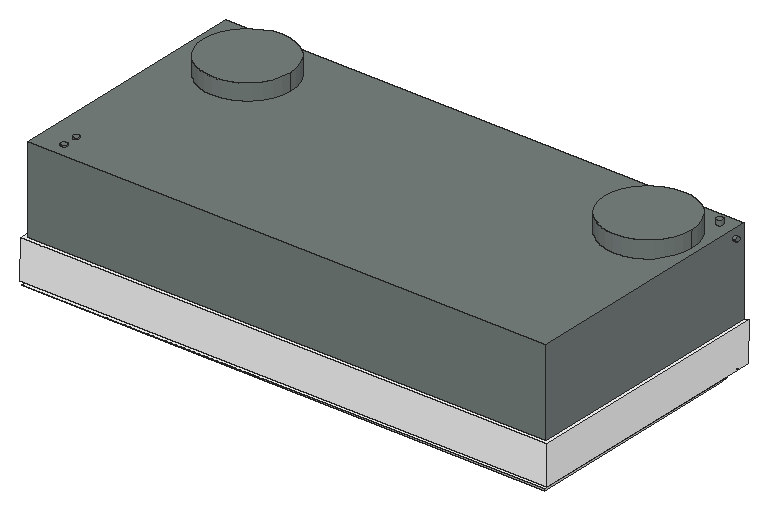
Revit family "AM 800 VC", category Mechanical Equipment, Revit 2019
Family settings
  Round Connector Dimension = Use Diameter
  Part Type = Normal
  OmniClass Number = 23.75.00.00
  OmniClass Title = Climate Control (HVAC)
  Work Plane-Based = No
  Always vertical = Yes
  Cut with Voids When Loaded = No
  Shared = No
  Room Calculation Point = No
Parameters
  Weight (Standard Unit) = 108  # constant formula
  Water Heater Surface Return = 10 mm  # constant formula
  Water Heater Surface IN = 10 mm  # constant formula
  URL = "www.airmaster-as.com"
  Total Width = 1910 mm  # constant formula
  Total Hight = 474 mm  # constant formula
  Top Panel [instance] = no
  T-C Duct Exhaust = 252 mm  # constant formula
  T-C Duct Supply = 252 mm  # constant formula
  Suply Air In = 315 mm  # constant formula
  R-C Duct Exhaust = 222 mm  # constant formula
  Phase 1 - Max Power Consumption = "4035 W"
  Phase 1 - Max Current = "12 A"
  Nominal current, electrical preheating surface = "6,5 A"
  Nominal current, electrical comfort heating surface = "4,4 A"
  Nominal current, air handling unit = "1,1 A"
  Network Conection = "AWG 24 CAT 5e STP"
  Model = "AM 800 VC"
  Max. flow rate 35 dB(A) with ePM10 80% filters = 538.00 m³  # constant formula
  Max. flow rate 35 dB(A) with ePM10 55% filters = 605.00 m³  # constant formula
  Max. flow rate 35 dB(A) with ePM10 50% filters = 672.00 m³  # constant formula
  Max. flow rate 30 dB(A) with ePM10 80% filters = 482.00 m³  # constant formula
  Max. flow rate 30 dB(A) with ePM10 55% filters = 542.00 m³  # constant formula
  Max. flow rate 30 dB(A) with ePM10 50% filters = 603.00 m³  # constant formula
  Manufacturer = "Airmaster A/S"
  Maintenance [instance] = no
  L-C Duct ESupply = 255 mm  # constant formula
  Exhaust Air = 315 mm  # constant formula
  Total Depth = 916 mm  # constant formula
  Electrical connection = "1 ~ 230 V / N / PE / 50 Hz"
  Drawn By = "LSB"
  Condensate = 9 mm  # constant formula
  BMS Panel = "(PTS) 2x2x0,6"
  BMS Out = "(PTS) 2x2x0,6"
  BMS IN = "(PTS) 2x2x0,6"
  Airflow area [instance] = no
  Air flow area [instance] = Airflow
Reference planes
  plane 1 "Center (Front/Back)": y = 0
  plane 2: z = 0
  plane 3 "Center (Left/Right)": x = 0
  plane 4 "Center L/S": y = -916
  plane 5 "Center L/T": x = -955
  plane 6 "Center L/U": x = 955
  plane 7 "TOP": z = 474
  plane 8 "Center L/V": x = -940
  plane 9 "Center L/W": y = -901
  plane 10 "Center L/X": x = 940
  plane 11 "Panel Buttom": z = 23
  plane 12 "Panel Top": z = 164.5
  plane 13 "Hatch": z = 14.5
  plane 14 "Center L/Z": z = 173.414
  plane 15 "Center L/AA": z = 314.914
  plane 16 "Center L/BB": z = 324.414
  plane 17 "Center L/CC": z = 465.914
Forms (mm)
  Extrusion 1, solid, material "AM Grey"
    sketch origin (0, 0, 0) x (1, 0, 0) y (0, 1, 0)
      loop
        line (-940, 0) -> (-940, -901) -> (940, -901) -> (940, 0) -> (-940, 0)
    from 14.5 to 474
  Extrusion 2, solid, material "AM White"
    sketch origin (794.5, -1524, 23) x (0, -1, 0) y (-1, 0, 0)
      loop
        line (-1524, 1749.5) -> (-1524, 1734.5) -> (-623, 1734.5) -> (-623, -145.5) -> (-1524, -145.5) -> (-1524, -160.5) -> (-608, -160.5) -> (-608, 1749.5) -> (-1524, 1749.5)
    from 0 to -141.5
  Blend 3, solid, material "AM White"
    base sketch origin (-790.646, -1524, 14.5) x (0, -1, 0) y (1, 0, 0)
      loop
        line (-608, -157.387) -> (-608, 1738.657) -> (-1435.677, 1738.657) -> (-1435.677, -157.387) -> (-608, -157.387)
    top sketch origin (-790.646, -1524, 14.5) x (0, -1, 0) y (1, 0, 0)
      loop
        line (-623, -146.037) -> (-623, 1727.646) -> (-1424.161, 1727.646) -> (-1424.161, -146.037) -> (-623, -146.037)
    from 0 to -14.5
  Extrusion 4, void
    sketch origin (1055.25, -916, 173.414) x (1, 0, 0) y (0, 0, -1)
      loop
        line (-1717.75, -118) -> (-1627.75, -118) -> (-1627.75, -93) -> (-1717.75, -93) -> (-1717.75, -118)
      loop
        line (-1717.75, -83) -> (-1627.75, -83) -> (-1627.75, -58) -> (-1717.75, -58) -> (-1717.75, -83)
      loop
        line (-1717.75, -48) -> (-1627.75, -48) -> (-1627.75, -23) -> (-1717.75, -23) -> (-1717.75, -48)
      loop
        line (-1622.75, -118) -> (-1532.75, -118) -> (-1532.75, -93) -> (-1622.75, -93) -> (-1622.75, -118)
      loop
        line (-1622.75, -83) -> (-1532.75, -83) -> (-1532.75, -58) -> (-1622.75, -58) -> (-1622.75, -83)
      loop
        line (-1622.75, -48) -> (-1532.75, -48) -> (-1532.75, -23) -> (-1622.75, -23) -> (-1622.75, -48)
      loop
        line (-1527.75, -118) -> (-1437.75, -118) -> (-1437.75, -93) -> (-1527.75, -93) -> (-1527.75, -118)
      loop
        line (-1527.75, -83) -> (-1437.75, -83) -> (-1437.75, -58) -> (-1527.75, -58) -> (-1527.75, -83)
      loop
        line (-1527.75, -48) -> (-1437.75, -48) -> (-1437.75, -23) -> (-1527.75, -23) -> (-1527.75, -48)
      loop
        line (-1432.75, -118) -> (-1342.75, -118) -> (-1342.75, -93) -> (-1432.75, -93) -> (-1432.75, -118)
      loop
        line (-1432.75, -83) -> (-1342.75, -83) -> (-1342.75, -58) -> (-1432.75, -58) -> (-1432.75, -83)
      loop
        line (-1432.75, -48) -> (-1342.75, -48) -> (-1342.75, -23) -> (-1432.75, -23) -> (-1432.75, -48)
      loop
        line (-1337.75, -118) -> (-1247.75, -118) -> (-1247.75, -93) -> (-1337.75, -93) -> (-1337.75, -118)
      loop
        line (-1337.75, -83) -> (-1247.75, -83) -> (-1247.75, -58) -> (-1337.75, -58) -> (-1337.75, -83)
      loop
        line (-1337.75, -48) -> (-1247.75, -48) -> (-1247.75, -23) -> (-1337.75, -23) -> (-1337.75, -48)
      loop
        line (-1242.75, -118) -> (-1152.75, -118) -> (-1152.75, -93) -> (-1242.75, -93) -> (-1242.75, -118)
      loop
        line (-1242.75, -83) -> (-1152.75, -83) -> (-1152.75, -58) -> (-1242.75, -58) -> (-1242.75, -83)
      loop
        line (-1242.75, -48) -> (-1152.75, -48) -> (-1152.75, -23) -> (-1242.75, -23) -> (-1242.75, -48)
      loop
        line (-1147.75, -118) -> (-1057.75, -118) -> (-1057.75, -93) -> (-1147.75, -93) -> (-1147.75, -118)
      loop
        line (-1147.75, -83) -> (-1057.75, -83) -> (-1057.75, -58) -> (-1147.75, -58) -> (-1147.75, -83)
      loop
        line (-1147.75, -48) -> (-1057.75, -48) -> (-1057.75, -23) -> (-1147.75, -23) -> (-1147.75, -48)
      loop
        line (-1052.75, -118) -> (-962.75, -118) -> (-962.75, -93) -> (-1052.75, -93) -> (-1052.75, -118)
      loop
        line (-1052.75, -83) -> (-962.75, -83) -> (-962.75, -58) -> (-1052.75, -58) -> (-1052.75, -83)
      loop
        line (-1052.75, -48) -> (-962.75, -48) -> (-962.75, -23) -> (-1052.75, -23) -> (-1052.75, -48)
      loop
        line (-957.75, -118) -> (-867.75, -118) -> (-867.75, -93) -> (-957.75, -93) -> (-957.75, -118)
      loop
        line (-957.75, -83) -> (-867.75, -83) -> (-867.75, -58) -> (-957.75, -58) -> (-957.75, -83)
      loop
        line (-957.75, -48) -> (-867.75, -48) -> (-867.75, -23) -> (-957.75, -23) -> (-957.75, -48)
      loop
        line (-862.75, -118) -> (-772.75, -118) -> (-772.75, -93) -> (-862.75, -93) -> (-862.75, -118)
      loop
        line (-862.75, -83) -> (-772.75, -83) -> (-772.75, -58) -> (-862.75, -58) -> (-862.75, -83)
      loop
        line (-862.75, -48) -> (-772.75, -48) -> (-772.75, -23) -> (-862.75, -23) -> (-862.75, -48)
      loop
        line (-767.75, -118) -> (-677.75, -118) -> (-677.75, -93) -> (-767.75, -93) -> (-767.75, -118)
      loop
        line (-767.75, -83) -> (-677.75, -83) -> (-677.75, -58) -> (-767.75, -58) -> (-767.75, -83)
      loop
        line (-767.75, -48) -> (-677.75, -48) -> (-677.75, -23) -> (-767.75, -23) -> (-767.75, -48)
      loop
        line (-672.75, -118) -> (-582.75, -118) -> (-582.75, -93) -> (-672.75, -93) -> (-672.75, -118)
      loop
        line (-672.75, -83) -> (-582.75, -83) -> (-582.75, -58) -> (-672.75, -58) -> (-672.75, -83)
      loop
        line (-672.75, -48) -> (-582.75, -48) -> (-582.75, -23) -> (-672.75, -23) -> (-672.75, -48)
      loop
        line (-577.75, -118) -> (-487.75, -118) -> (-487.75, -93) -> (-577.75, -93) -> (-577.75, -118)
      loop
        line (-577.75, -83) -> (-487.75, -83) -> (-487.75, -58) -> (-577.75, -58) -> (-577.75, -83)
      loop
        line (-577.75, -48) -> (-487.75, -48) -> (-487.75, -23) -> (-577.75, -23) -> (-577.75, -48)
      loop
        line (-482.75, -118) -> (-392.75, -118) -> (-392.75, -93) -> (-482.75, -93) -> (-482.75, -118)
      loop
        line (-482.75, -83) -> (-392.75, -83) -> (-392.75, -58) -> (-482.75, -58) -> (-482.75, -83)
      loop
        line (-482.75, -48) -> (-392.75, -48) -> (-392.75, -23) -> (-482.75, -23) -> (-482.75, -48)
    from 0 to 15
  Extrusion 5, solid, material "AM Grey"
    sketch origin (940, 0, 0) x (0, -1, 0) y (0, 0, -1)
      loop
        circle (48.75, -36.414) r 8
    from 0 to 15
  Extrusion 6, solid, material "AM Grey"
    sketch origin (-940, -878.072, 0.549) x (0, 1, 0) y (0, 0, -1)
      loop
        arc (97.447, -426.641) -> (85.619, -415.215) -> (74.05, -426.903) r 11.7
        arc (74.05, -426.903) -> (85.881, -438.614) -> (97.447, -426.641) r 11.7
    from 0 to 2
  Extrusion 7, solid, material "AM Grey"
    sketch origin (-940, -892.224, 0.658) x (0, 1, 0) y (0, 0, -1)
      loop
        arc (56.677, -428.239) -> (46.918, -415.112) -> (33.131, -423.914) r 12
        arc (33.131, -423.914) -> (42.582, -438.717) -> (56.677, -428.239) r 12
    from 0 to 2
  Extrusion 8, solid, material "AM Grey"
    sketch origin (-1697.474, 21.256, 474) x (1, 0, 0) y (0, 1, 0)
      loop
        arc (848.662, -826.53) -> (848, -804.55) -> (847.338, -826.53) r 11
        line (847.338, -826.53) -> (848.662, -826.53)
    from 0 to 2
  Extrusion 9, solid, material "AM Grey"
    sketch origin (-1697.474, 6.881, 474) x (1, 0, 0) y (0, 1, 0)
      loop
        arc (848.662, -867.28) -> (848, -845.3) -> (847.338, -867.28) r 11
        line (847.338, -867.28) -> (848.662, -867.28)
    from 0 to 2
  Extrusion 10, solid, material "Maintenece", visible <- "Maintenance"
    sketch origin (-790.646, -1524, 0) x (1, 0, 0) y (0, -1, 0)
      loop
        line (-164.354, -1524) -> (1745.646, -1524) -> (1745.646, -608) -> (-164.354, -608) -> (-164.354, -1524)
    from 0 to 1200
  Extrusion 11, void
    sketch origin (-955, 0, 23) x (0, 1, 0) y (0, 0, 1)
      loop
        line (-260.5, 116.914) -> (-350.5, 116.914) -> (-350.5, 88.55) -> (-260.5, 88.55) -> (-260.5, 116.914)
      loop
        line (-260.5, 83.55) -> (-350.5, 83.55) -> (-350.5, 55.55) -> (-260.5, 55.55) -> (-260.5, 83.55)
      loop
        line (-260.5, 50.55) -> (-350.5, 50.55) -> (-350.5, 22.55) -> (-260.5, 22.55) -> (-260.5, 50.55)
      loop
        line (-355.5, 116.914) -> (-445.5, 116.914) -> (-445.5, 88.55) -> (-355.5, 88.55) -> (-355.5, 116.914)
      loop
        line (-355.5, 83.55) -> (-445.5, 83.55) -> (-445.5, 55.55) -> (-355.5, 55.55) -> (-355.5, 83.55)
      loop
        line (-355.5, 50.55) -> (-445.5, 50.55) -> (-445.5, 22.55) -> (-355.5, 22.55) -> (-355.5, 50.55)
      loop
        line (-450.5, 116.914) -> (-540.5, 116.914) -> (-540.5, 88.55) -> (-450.5, 88.55) -> (-450.5, 116.914)
      loop
        line (-450.5, 83.55) -> (-540.5, 83.55) -> (-540.5, 55.55) -> (-450.5, 55.55) -> (-450.5, 83.55)
      loop
        line (-450.5, 50.55) -> (-540.5, 50.55) -> (-540.5, 22.55) -> (-450.5, 22.55) -> (-450.5, 50.55)
      loop
        line (-545.5, 116.914) -> (-635.5, 116.914) -> (-635.5, 88.55) -> (-545.5, 88.55) -> (-545.5, 116.914)
      loop
        line (-545.5, 83.55) -> (-635.5, 83.55) -> (-635.5, 55.55) -> (-545.5, 55.55) -> (-545.5, 83.55)
      loop
        line (-545.5, 50.55) -> (-635.5, 50.55) -> (-635.5, 22.55) -> (-545.5, 22.55) -> (-545.5, 50.55)
      loop
        line (-640.5, 116.914) -> (-730.5, 116.914) -> (-730.5, 88.55) -> (-640.5, 88.55) -> (-640.5, 116.914)
      loop
        line (-640.5, 83.55) -> (-730.5, 83.55) -> (-730.5, 55.55) -> (-640.5, 55.55) -> (-640.5, 83.55)
      loop
        line (-640.5, 50.55) -> (-730.5, 50.55) -> (-730.5, 22.55) -> (-640.5, 22.55) -> (-640.5, 50.55)
      loop
        line (-735.5, 116.914) -> (-825.5, 116.914) -> (-825.5, 88.55) -> (-735.5, 88.55) -> (-735.5, 116.914)
      loop
        line (-735.5, 83.55) -> (-825.5, 83.55) -> (-825.5, 55.55) -> (-735.5, 55.55) -> (-735.5, 83.55)
      loop
        line (-735.5, 50.55) -> (-825.5, 50.55) -> (-825.5, 22.55) -> (-735.5, 22.55) -> (-735.5, 50.55)
    from 0 to 15
  Extrusion 12, solid, material "AM Grey"
    sketch origin (0, 0, 474) x (1, 0, 0) y (0, 1, 0)
      loop
        arc (880.766, -33.956) -> (876.81, -38.388) -> (875.622, -44.209) r 11.4
        arc (875.622, -44.209) -> (897.19, -48.612) -> (880.766, -33.956) r 11.4
    from 0 to 15
  Extrusion 13, solid, material "AM Grey"
    sketch origin (940, 0, 0) x (0, -1, 0) y (0, 0, -1)
      loop
        circle (47.646, -447.784) r 8
    from 0 to 15
  Extrusion 14, solid, material "AM Grey"
    sketch origin (-940, 0, 0) x (1, 0, 0) y (0, 0, -1)
      loop
        circle (1813, -35) r 12
    from 0 to 15
  Extrusion 15, solid, material "AM White", not visible
    sketch origin (794.5, -1524, 173.414) x (0, -1, 0) y (-1, 0, 0)
      loop
        line (-1524, 1749.5) -> (-1524, 1734.5) -> (-623, 1734.5) -> (-623, -145.5) -> (-1524, -145.5) -> (-1524, -160.5) -> (-608, -160.5) -> (-608, 1749.5) -> (-1524, 1749.5)
    from 0 to -141.5
  Extrusion 16, solid, material "AM White", visible <- "Top Panel"
    sketch origin (794.5, -1524, 324.414) x (0, -1, 0) y (-1, 0, 0)
      loop
        line (-1524, 1749.5) -> (-1524, 1734.5) -> (-623, 1734.5) -> (-623, -145.5) -> (-1524, -145.5) -> (-1524, -160.5) -> (-608, -160.5) -> (-608, 1749.5) -> (-1524, 1749.5)
    from 0 to -141.5
  Extrusion 17, solid, material "Airflow" <- "Air flow area", visible <- "Airflow area"
    sketch origin (-790.646, -1524, 0) x (1, 0, 0) y (0, -1, 0)
      loop
        line (-164.354, -1524) -> (-164.354, -608) -> (-664.354, -608) -> (-664.354, -1524) -> (-164.354, -1524)
    from 0 to -164.5
  Extrusion 18, solid, material "AM White"
    sketch origin (0, 0, 14.5) x (0, 1, 0) y (1, 0, 0)
      loop
        line (0, 940) -> (-88.323, 940) -> (-88.323, -940) -> (0, -940) -> (0, 940)
    from 0 to 3
  Extrusion 19, solid, material "AM Grey"
    sketch origin (0, 0, 474) x (1, 0, 0) y (0, 1, 0)
      loop
        circle (-700, -205.5) r 157.5
    from 0 to 60
  Extrusion 20, solid, material "AM Grey"
    sketch origin (0, 0, 474) x (1, 0, 0) y (0, 1, 0)
      loop
        circle (757, -205.5) r 157.5
    from 0 to 60
Cuts and joins
  Extrusion 4, Extrusion 11 cuts Extrusion 1
  Extrusion 4, Extrusion 11 cuts Extrusion 2
  Extrusion 4 cuts Extrusion 15
Dimensions and locks
  "Total Depth": plane 4 "Center L/S" to plane 1 "Center (Front/Back)"
  equal spacing: plane 5 "Center L/T", plane 3 "Center (Left/Right)", plane 6 "Center L/U"
  "Total Width": plane 5 "Center L/T" to plane 6 "Center L/U"
  "Total Hight": plane 7 "TOP" to level
  locked: plane 10 "Center L/X" to plane 6 "Center L/U" at 15
  locked: plane 4 "Center L/S" to plane 9 "Center L/W" at 15
  locked: plane 5 "Center L/T" to plane 8 "Center L/V" at 15
  Extrusion 1 to Blend 3 sketch curve = 99.839 mm
  nested 2 to cut or joined group of Extrusion 2, Extrusion 4, Extrusion 11 = 500 mm
  Extrusion 14 sketch curve to plane 5 "Center L/T" = 1828 mm
  Extrusion 14 sketch curve to plane 7 "TOP" = 439 mm
  "Suply Air In": diameter of Extrusion 19 sketch curve
  "Suply Air In": diameter of Extrusion 20 sketch curve
  aligned and locked: level to plane 2
  aligned and locked: plane 1 "Center (Front/Back)" to Extrusion 1 sketch curve
  aligned and locked: Extrusion 1 sketch curve to plane 8 "Center L/V"
  aligned and locked: Extrusion 1 sketch curve to plane 9 "Center L/W"
  aligned and locked: Extrusion 1 sketch curve to plane 10 "Center L/X"
  aligned and locked: plane 7 "TOP" to Extrusion 1
  aligned and locked: plane 5 "Center L/T" to Extrusion 2 sketch curve
  aligned and locked: plane 4 "Center L/S" to Extrusion 2 sketch curve
  aligned and locked: plane 6 "Center L/U" to Extrusion 2 sketch curve
  aligned and locked: Extrusion 2 sketch curve to Extrusion 1  (x3)
  aligned and locked: plane 1 "Center (Front/Back)" to Extrusion 2 sketch curve
  aligned and locked: Extrusion 2 to plane 12 "Panel Top"
  aligned and locked: Blend 3 to plane 2
  aligned and locked: Extrusion 1 to plane 13 "Hatch"
  aligned and locked: Extrusion 10 sketch curve to cut or joined group of Extrusion 2, Extrusion 4, Extrusion 11  (x4)
  aligned and locked: Extrusion 15 to plane 15 "Center L/AA"
  aligned and locked: Extrusion 16 to plane 17 "Center L/CC"
Automatic sketch dimensions
  plane 1 "Center (Front/Back)" to Extrusion 2 sketch curve = 0 mm
  plane 4 "Center L/S" to Blend 3 sketch curve = 0 mm
  Blend 3 sketch curve to plane 6 "Center L/U" = 6.989 mm
  plane 1 "Center (Front/Back)" to Blend 3 sketch curve = 88.323 mm
  plane 5 "Center L/T" to Blend 3 sketch curve = 6.967 mm
  Blend 3 sketch curve to plane 9 "Center L/W" = 0 mm
  plane 8 "Center L/V" to Blend 3 sketch curve = 3.316 mm
  Blend 3 sketch curve to plane 10 "Center L/X" = 3 mm
  Extrusion 2 to Extrusion 4 sketch curve = 126.914 mm  (x2)
  Extrusion 4 sketch curve to Extrusion 2 = 292.5 mm
  Extrusion 4 sketch curve to Extrusion 4 sketch curve = 0 mm  (x88)
  Extrusion 4 sketch curve to Extrusion 4 sketch curve = 90 mm  (x14)
  Extrusion 4 sketch curve to Extrusion 4 sketch curve = 5 mm  (x39)
  Extrusion 4 sketch curve to Extrusion 4 sketch curve = 25 mm  (x10)
  Extrusion 4 sketch curve to Extrusion 4 sketch curve = 10 mm  (x9)
  Extrusion 4 sketch curve to Extrusion 2 = 173.414 mm  (x5)
  Extrusion 1 to Extrusion 5 sketch curve = 21.914 mm
  Extrusion 1 to Extrusion 5 sketch curve = 48.75 mm
  Extrusion 6 sketch curve to Extrusion 6 sketch curve = 0 mm  (x2)
  Extrusion 1 to Extrusion 6 sketch curve = 46.537 mm
  Extrusion 6 sketch curve to Extrusion 1 = 108.678 mm
  Extrusion 6 sketch curve to Extrusion 6 sketch curve = 11.7 mm
  Extrusion 6 sketch curve to Extrusion 6 sketch curve = 11.697 mm
  Extrusion 6 sketch curve to Extrusion 6 sketch curve = 0.011 mm
  Extrusion 7 sketch curve to Extrusion 7 sketch curve = 0 mm  (x2)
  Extrusion 7 sketch curve to Extrusion 1 = 53.526 mm
  Extrusion 1 to Extrusion 7 sketch curve = 46.428 mm
  Extrusion 7 sketch curve to Extrusion 7 sketch curve = 11.619 mm
  Extrusion 7 sketch curve to Extrusion 7 sketch curve = 11.927 mm
  Extrusion 7 sketch curve to Extrusion 7 sketch curve = 1.325 mm
  Extrusion 8 sketch curve to Extrusion 1 = 89.864 mm
  Extrusion 8 sketch curve to Extrusion 8 sketch curve = 0.662 mm
  Extrusion 8 sketch curve to Extrusion 1 = 95.726 mm
  Extrusion 8 sketch curve to Extrusion 8 sketch curve = 10.98 mm
  Extrusion 9 sketch curve to Extrusion 1 = 89.864 mm
  Extrusion 9 sketch curve to Extrusion 9 sketch curve = 0.662 mm
  Extrusion 9 sketch curve to Extrusion 1 = 40.601 mm
  Extrusion 9 sketch curve to Extrusion 9 sketch curve = 10.98 mm
  Extrusion 11 sketch curve to Extrusion 2 = 22.55 mm  (x2)
  Extrusion 2 to Extrusion 11 sketch curve = 90.5 mm
  Extrusion 11 sketch curve to Extrusion 11 sketch curve = 0 mm  (x33)
  Extrusion 11 sketch curve to Extrusion 11 sketch curve = 90 mm  (x6)
  Extrusion 11 sketch curve to Extrusion 11 sketch curve = 5 mm  (x21)
  Extrusion 11 sketch curve to Extrusion 11 sketch curve = 28 mm  (x6)
  Extrusion 11 sketch curve to Extrusion 2 = 24.586 mm  (x3)
  Extrusion 12 sketch curve to Extrusion 12 sketch curve = 0 mm  (x2)
  Extrusion 12 sketch curve to Extrusion 1 = 53 mm
  Extrusion 12 sketch curve to Extrusion 1 = 43.5 mm
  Extrusion 12 sketch curve to Extrusion 12 sketch curve = 6.234 mm
  Extrusion 12 sketch curve to Extrusion 12 sketch curve = 11.378 mm
  Extrusion 12 sketch curve to Extrusion 12 sketch curve = 0.709 mm
  Extrusion 1 to Extrusion 13 sketch curve = 47.646 mm
  Extrusion 1 to Extrusion 13 sketch curve = 26.216 mm
  plane 1 "Center (Front/Back)" to Extrusion 15 sketch curve = 0 mm  (x2)
  Extrusion 15 sketch curve to plane 8 "Center L/V" = 0 mm
  Extrusion 15 sketch curve to plane 9 "Center L/W" = 0 mm
  plane 4 "Center L/S" to Extrusion 15 sketch curve = 0 mm
  Extrusion 15 sketch curve to plane 5 "Center L/T" = 0 mm
  Extrusion 15 sketch curve to plane 10 "Center L/X" = 0 mm
  Extrusion 15 sketch curve to plane 6 "Center L/U" = 0 mm
  plane 1 "Center (Front/Back)" to Extrusion 16 sketch curve = 0 mm  (x2)
  Extrusion 16 sketch curve to plane 8 "Center L/V" = 0 mm
  Extrusion 16 sketch curve to plane 9 "Center L/W" = 0 mm
  plane 4 "Center L/S" to Extrusion 16 sketch curve = 0 mm
  Extrusion 16 sketch curve to plane 5 "Center L/T" = 0 mm
  Extrusion 16 sketch curve to plane 10 "Center L/X" = 0 mm
  Extrusion 16 sketch curve to plane 6 "Center L/U" = 0 mm
  Extrusion 17 sketch curve to Blend 3 = 99.839 mm
  Extrusion 17 sketch curve to Blend 3 = 518.316 mm
  Extrusion 17 sketch curve to Blend 3 = 18.316 mm
  Extrusion 17 sketch curve to Blend 3 = 15 mm
  Extrusion 18 sketch curve to Extrusion 1 = 0 mm  (x2)
  Extrusion 1 to Extrusion 18 sketch curve = 0 mm
  Extrusion 1 to Extrusion 18 sketch curve = 88.323 mm
  Extrusion 19 sketch curve to Extrusion 1 = 240 mm
  Extrusion 19 sketch curve to Extrusion 1 = 205.5 mm
  Extrusion 20 sketch curve to Extrusion 1 = 183 mm
  Extrusion 20 sketch curve to Extrusion 1 = 205.5 mm
  radius of Extrusion 5 sketch curve = 8 mm
  radius of Extrusion 13 sketch curve = 8 mm
  radius of Extrusion 14 sketch curve = 12 mm
Nested families
  nested 1: "Model Label 2019" at (0, -361.924, 0), Label <- "Model", type "Model Label 2019"
    with Label "AM 800 VC"
  nested 2: "indblæssymbol" at (11.742, -966, 0) x (0, -1, 0) z (0, 0, 1), type "indblæssymbol"
    with dX_ 609 mm, dX 609 mm, ang2D 0.00°
  nested 3: "Pil Indtag" at (-1555, -460, 0), type "Pil Indtag"
    with dX_ 609 mm, dX 609 mm, ang2D 0.00°
Connectors
  piping at (-942, -847.32, 426.735), diameter 10, driven by "Water Heater Surface IN"
    settings: on Extrusion 7, index 6, connector inside diameter 609.6 mm, connector length 0 mm, flow factor 0, pipe flow 0.0 L/s, pressure drop 0.0 Pa, fitting loss kfactor 0, connector angle 0.00°, fixture units 0, engagement length 0 mm, angle of deflection 0.00°, flow configuration 0, flow direction 1, fitting loss method 0, system type 7, joint type 0, gender type 0, connector reference index -1, connector utility 0, adjustable connector no, is connector primary yes, connector description ""
  piping at (-942, -792.324, 427.321), diameter 10, driven by "Water Heater Surface Return"
    settings: on Extrusion 6, index 7, connector inside diameter 609.6 mm, connector length 0 mm, flow factor 0, pipe flow 0.0 L/s, pressure drop 0.0 Pa, fitting loss kfactor 0, connector angle 0.00°, fixture units 0, engagement length 0 mm, angle of deflection 0.00°, flow configuration 0, flow direction 2, fitting loss method 0, system type 8, joint type 0, gender type 0, connector reference index -1, connector utility 0, adjustable connector no, is connector primary no, connector description ""
  piping at (-849.474, -860.399, 476), diameter 10, driven by "Water Heater Surface IN"
    settings: on Extrusion 9, index 11, connector inside diameter 609.6 mm, connector length 0 mm, flow factor 0, pipe flow 0.0 L/s, pressure drop 0.0 Pa, fitting loss kfactor 0, connector angle 0.00°, fixture units 0, engagement length 0 mm, angle of deflection 0.00°, flow configuration 0, flow direction 0, fitting loss method 0, system type 19, joint type 0, gender type 0, connector reference index -1, connector utility 0, adjustable connector no, is connector primary no, connector description ""
  piping at (-849.474, -805.274, 476), diameter 10, driven by "Water Heater Surface Return"
    settings: on Extrusion 8, index 12, connector inside diameter 609.6 mm, connector length 0 mm, flow factor 0, pipe flow 0.0 L/s, pressure drop 0.0 Pa, fitting loss kfactor 0, connector angle 0.00°, fixture units 0, engagement length 0 mm, angle of deflection 0.00°, flow configuration 0, flow direction 0, fitting loss method 0, system type 19, joint type 0, gender type 0, connector reference index -1, connector utility 0, adjustable connector no, is connector primary no, connector description ""
  electrical at (955, -47.646, 447.784)
    settings: on Extrusion 13, index 13, voltage 230 V, apparent load 0 VA, apparent load phase1 0 VA, apparent load phase2 0 VA, apparent load phase3 0 VA, power factor 0.56, load classification "Other", number of poles 1, system type 30, power factor state 1, is connector primary yes, connector utility no, sub classification motor no, connector description ""
  electrical at (878.194, -39.082, 489)
    settings: on Extrusion 12, index 14, voltage 230 V, apparent load 0 VA, apparent load phase1 0 VA, apparent load phase2 0 VA, apparent load phase3 0 VA, power factor 0.56, load classification "Other", number of poles 1, system type 30, power factor state 1, is connector primary no, connector utility no, sub classification motor no, connector description ""
  piping at (955, -48.75, 36.414), diameter 9, driven by "Condensate"
    settings: on Extrusion 5, index 15, connector inside diameter 609.6 mm, connector length 0 mm, flow factor 0, pipe flow 0.0 L/s, pressure drop 0.0 Pa, fitting loss kfactor 0, connector angle 0.00°, fixture units 0, engagement length 0 mm, angle of deflection 0.00°, flow configuration 0, flow direction 0, fitting loss method 0, system type 16, joint type 0, gender type 0, connector reference index -1, connector utility 0, adjustable connector no, is connector primary no, connector description ""
  piping at (873, 15, 35), diameter 9, driven by "Condensate"
    settings: on Extrusion 14, index 16, connector inside diameter 609.6 mm, connector length 0 mm, flow factor 0, pipe flow 0.0 L/s, pressure drop 0.0 Pa, fitting loss kfactor 0, connector angle 0.00°, fixture units 0, engagement length 0 mm, angle of deflection 0.00°, flow configuration 0, flow direction 0, fitting loss method 0, system type 16, joint type 0, gender type 0, connector reference index -1, connector utility 0, adjustable connector no, is connector primary no, connector description ""
  hvac at (-700, -205.5, 474), driven by "Exhaust Air"
    settings: on Extrusion 19, index 17, duct flow 0.0 L/s, flow factor 0, pres drop 0.0 Pa, loss coef 0, conn angle 0.00°, conn width 304.8 mm, conn height 304.8 mm, conn diameter 315 mm, duct sys type 1, conn prof type 0, flow config 0, flow direction 1, loss method 0, conn ref index -1, conn util no, is conn primary yes, conn desc ""
  hvac at (757, -205.5, 474), driven by "Exhaust Air"
    settings: on Extrusion 20, index 18, duct flow 0.0 L/s, flow factor 0, pres drop 0.0 Pa, loss coef 0, conn angle 0.00°, conn width 304.8 mm, conn height 304.8 mm, conn diameter 315 mm, duct sys type 3, conn prof type 0, flow config 0, flow direction 2, loss method 0, conn ref index -1, conn util no, is conn primary no, conn desc ""
Definition of nested family "Model Label 2019"
  Parameters (values of type "Model Label 2019")
    Label [instance] = ""
  Reference planes
    plane 1: y = 0
    plane 2: x = 0
  Text (mm)
    label "Label" at (-0.131, 0.049, 0), shows "Label"
Definition of nested family "indblæssymbol"
  Parameters (values of type "indblæssymbol")
    dX_ [instance] = if(dX = 0 mm, 1 mm, dX)  # 609 mm
    dX [instance] = 609 mm
    ang2D [instance] = 0.00°
    Type Comments = "DO NOT CHANGE dX value from 608 mm ( 2 ft )"
    Afstand pil = 50 mm
  Reference planes
    plane 1 "Center (Front/Back)": y = 0
    plane 2: z = 0
    plane 3 "Center (Left/Right)": x = 0
  Lines and regions (mm)
    Filled region 1, type "Concrete", in view "Ref. Level"
      outline origin (50.005, 0, 0) x (1, 0, 0) y (0, 1, 0)
        loop
          line (399.995, 0.414) -> (301.442, 17.365) -> (301.588, -17.365) -> (399.995, 0.414)
    reference lines, in view "Ref. Level"
      curve 1: line (50, 134.129, 0) -> (50, -145.871, 0)
    detail lines, in view "Ref. Level"
      curve 2: line (351.52, 0, 0) -> (50, 0, 0)
  Dimensions and locks
    "Afstand pil": plane 3 "Center (Left/Right)" to curve 1
    curve 1 to Filled region 1 = 400 mm
  Automatic sketch dimensions
    Filled region 1 sketch curve to plane 1 "Center (Front/Back)" = 0.414 mm
    plane 3 "Center (Left/Right)" to Filled region 1 sketch curve = 450 mm
    plane 1 "Center (Front/Back)" to Filled region 1 sketch curve = 17.365 mm
    Filled region 1 sketch curve to Filled region 1 sketch curve = 98.407 mm
    Filled region 1 sketch curve to plane 1 "Center (Front/Back)" = 17.365 mm
    Filled region 1 sketch curve to Filled region 1 sketch curve = 0.146 mm
    plane 1 "Center (Front/Back)" to curve 2 = 0 mm
    plane 3 "Center (Left/Right)" to curve 2 = 50 mm
    curve 2 to curve 2 = 301.52 mm
    plane 1 "Center (Front/Back)" to curve 1 = 145.871 mm
    curve 1 to plane 1 "Center (Front/Back)" = 134.129 mm
Definition of nested family "Pil Indtag"
  Parameters (values of type "Pil Indtag")
    dX_ [instance] = if(dX = 0 mm, 1 mm, dX)  # 609 mm
    dX [instance] = 609 mm
    ang2D [instance] = 0.00°
    Type Comments = "DO NOT CHANGE dX value from 608 mm ( 2 ft )"
    Afstand pil = 50 mm
  Reference planes
    plane 1 "Center (Front/Back)": y = 0
    plane 2: z = 0
    plane 3 "Center (Left/Right)": x = 0
    plane 4: x = 500
  Lines and regions (mm)
    Filled region 1, type "Concrete", in view "Ref. Level"
      outline origin (0, 0, 0) x (1, 0, 0) y (0, 1, 0)
        loop
          line (499.552, 0) -> (401.072, 17.365) -> (401.072, -17.365) -> (499.552, 0)
    reference lines, in view "Ref. Level"
      curve 1: line (50, 134.129, 0) -> (50, -145.871, 0)
    detail lines, in view "Ref. Level", not visible
      curve 2: arc (335, 0, 0) -> (385.559, -50.321, 0) -> (434.999, 1.101, 0) r 50.01
      curve 3: arc (335, 0, 0) -> (285.666, 52.633, 0) -> (235.069, 1.212, 0) r 50.01
      curve 4: line (434.999, 1.101, 0) -> (434.999, 21.156, 0)
      curve 5: line (235.069, 1.212, 0) -> (235.069, -18.844, 0)
    detail lines, in view "Ref. Level"
      curve 6: arc (225.332, 0, 0) -> (272.332, -35.211, 0) -> (294.114, 19.326, 0) r 36.995
      curve 7: arc (225.206, 0, 0) -> (173.868, 30.307, 0) -> (156.85, -26.829, 0) r 37.835
      curve 8: line (499.552, 0, 0) -> (401.072, 17.365, 0)
      curve 9: line (401.072, 17.365, 0) -> (401.072, -17.365, 0)
      curve 10: line (401.072, -17.365, 0) -> (499.552, 0, 0)
      curve 11: line (499.552, 0, 0) -> (-15.448, 0, 0)
  Dimensions and locks
    "Afstand pil": plane 3 "Center (Left/Right)" to curve 1
    plane 3 "Center (Left/Right)" to plane 4 = 500 mm
  Automatic sketch dimensions
    plane 1 "Center (Front/Back)" to Filled region 1 sketch curve = 0 mm
    Filled region 1 sketch curve to plane 4 = 0.448 mm
    plane 1 "Center (Front/Back)" to Filled region 1 sketch curve = 17.365 mm
    Filled region 1 sketch curve to plane 4 = 98.928 mm
    Filled region 1 sketch curve to plane 1 "Center (Front/Back)" = 17.365 mm
    plane 1 "Center (Front/Back)" to curve 11 = 0 mm
    plane 1 "Center (Front/Back)" to curve 7 = 4.913 mm
    plane 3 "Center (Left/Right)" to curve 7 = 187.691 mm
    curve 6 to plane 1 "Center (Front/Back)" = 0.405 mm
    curve 7 to curve 6 = 74.634 mm
    curve 9 to plane 1 "Center (Front/Back)" = 17.365 mm
    curve 9 to plane 4 = 98.928 mm
    curve 11 to plane 4 = 0.448 mm
    plane 1 "Center (Front/Back)" to curve 10 = 17.365 mm
    curve 7 to curve 7 = 30.842 mm
    curve 11 to plane 3 "Center (Left/Right)" = 15.448 mm
    curve 7 to curve 6 = 37.119 mm
    curve 7 to curve 6 = 0.126 mm
    curve 6 to plane 1 "Center (Front/Back)" = 19.326 mm
    plane 1 "Center (Front/Back)" to curve 1 = 145.871 mm
    curve 1 to plane 1 "Center (Front/Back)" = 134.129 mm
